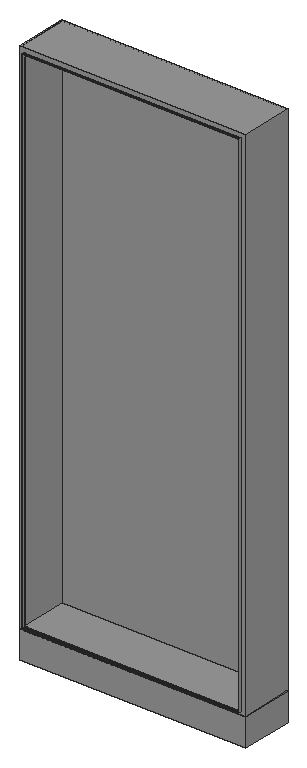
Revit family "Hager-Univers-IP30-D205-H1950-Cl.II-Encl-NoHosted-PL-pl", category Electrical Equipment, Revit 2020
Family settings
  Panel Configuration = Two Columns, Circuits Across
  Round Connector Dimension = Use Diameter
  Part Type = Panelboard
  Work Plane-Based = Yes
  Always vertical = Yes
  Cut with Voids When Loaded = No
  Shared = No
  Room Calculation Point = No
Parameters (values of type "Montaż podłogowy IP30 S800 W1950 G205  - FP23S1N")
  Width Control [instance] = if([EF000008 - Szerokość] > Min Width, [EF000008 - Szerokość], Min Width)  # 800 mm
  Type Comments = [HG000003 - Zakres]  # "Univers"
  Thickness Door [instance] = if([EF009171 - Drzwi/pokrywa z materiału o wysokiej wytrzymałości mechanicznej] > 3 mm, 3 mm, [EF009171 - Drzwi/pokrywa z materiału o wysokiej wytrzymałości mechanicznej])  # 1 mm
  Seal Frame Offset [instance] = 17 mm  # constant formula
  Plinth Visibility [instance] = [HG000027 - Wysokość cokołu] > 0 mm  # yes
  Min Width [instance] = 100 mm  # constant formula
  Min Depth [instance] = (2 * [EF009170 - Obudowa z materiału o wysokiej wytrzymałości mechanicznej]) + 1 mm  # 3 mm
  Min Height [instance] = 100 mm  # constant formula
  Internal Frame Depth [instance] = (Door System Depth * 0.5)  # 9 mm
  Panel Name [instance] = ""  # (empty or 0)
  Model = ""
  HG000027 - Wysokość cokołu = 100 mm
  HG000026 - Stojąca = yes
  HG000024 - Wysokość części dolnej = 600 mm
  HG000023 - Obudowa dwusekcyjna = no
  HG000016 - Widoczność drzwi w widoku 3D [instance] = yes
  HG000015 - Przestrzeń robocza - otwarcie drzwi [instance] = no
  HG000014 - Drzwi prawe [instance] = yes
  HG000013 - Drzwi lewe [instance] = not([HG000014 - Drzwi prawe])  # no
  HG000012 - Kąt otwarcia drzwi [instance] = 30.00°
  HG000010 - Drzwi asymetryczne = no
  HG000009 - Drzwi dwuskrzydłowe = no
  HG000006 - Montaż podtynkowy = no
  HG000004 - Referencja producenta = "FP23S1N"
  HG000003 - Zakres = "Univers"
  HG000002 - Z drzwiami lub pokrywą = no
  Frame Offset Bottom [instance] = 10 mm  # constant formula
  Frame Offset [instance] = 15 mm  # constant formula
  EF015940 - Pokrywa z wyzwalaczem nadciśnieniowym = no
  EF011959 - Stopień ochrony (NEMA) = ""
  EF009554 - Liczba otworów pod flansze = 6
  EF009212 - Wykonanie pokrywy = "EV009916 - Z otworem"
  EF009171 - Drzwi/pokrywa z materiału o wysokiej wytrzymałości mechanicznej = 1 mm
  EF009170 - Obudowa z materiału o wysokiej wytrzymałości mechanicznej = 1 mm
  EF008873 - Prąd znamionowy (In) = 400 A
  EF007800 - Do ochrony odgromowej = no
  EF006306 - Z zamkiem = no
  EF006244 - Transparentna pokrywa/drzwi = no
  EF005474 - Stopień ochrony (IP) = "EV006410 - IP30"
  EF004464 - Rodzaj drzwi = "EV000494 - Brak"
  EF004427 - Liczba modułów = 432
  EF004293 - Odporność udarowa = "EV006813 - IK07"
  EF003532 - Do zastosowań zewnętrznych = no
  EF002950 - Szerokość wyrażona liczbą modułów = 36
  EF001613 - Podtrzymanie funkcji = "EV000494 - Brak"
  EF001596 - Materiał obudowy = "EV000179 - Stal"
  EF001131 - Głębokość wewnętrzna = 130 mm
  EF001088 - Możliwość rozbudowy = yes
  EF000437 - Liczba wejść kablowych = 6
  EF000339 - Rodzaj pokrywy = "EV000494 - Brak"
  EF000266 - Liczba rzędów = 12
  EF000218 - Głębokość wbudowania = 0 mm
  EF000118 - Z płytą montażową = no
  EF000116 - Numer RAL = "9010"
  EF000049 - Głębokość = 205 mm
  EF000040 - Wysokość = 1950 mm
  EF000008 - Szerokość = 800 mm
  EF000007 - Kolor = "EV000202 - Biały"
  EF000003 - Sposób montażu = "EV012274 - Montaż podłogowy"
  Door System Leaf Tolerance [instance] = 1.5 mm  # constant formula
  Door System Depth [instance] = 18 mm  # constant formula
  Door Height [instance] = Height Control - [HG000027 - Wysokość cokołu]  # 1850 mm
  Description = ""
  Default Elevation = 1219.2 mm
  Connector Offset [instance] = Height Control / 2  # 975 mm
  Manufacturer = "Hager"  # constant formula
  Height Control [instance] = if([EF000040 - Wysokość] > Min Height, [EF000040 - Wysokość], Min Height)  # 1950 mm
  Depth Control [instance] = if([EF000049 - Głębokość] > Min Depth, [EF000049 - Głębokość], Min Depth)  # 205 mm
  Bottom Top Plate Trim [instance] = 1.5 mm  # constant formula
  Plinth height Ctrl [instance] = if([HG000027 - Wysokość cokołu] > 0 mm, [HG000027 - Wysokość cokołu], 12 mm)  # 100 mm
Types (4, lengths in mm): name | Width Control | HG000004 - Referencja producenta | EF009554 - Liczba otworów pod flansze | EF008873 - Prąd znamionowy (In) | EF004427 - Liczba modułów | EF002950 - Szerokość wyrażona liczbą modułów | EF000437 - Liczba wejść kablowych | EF000008 - Szerokość
  Montaż podłogowy IP30 S1050 W1950 G205  - FP24S1N | 1050 | "FP24S1N" | 8 | 400 A | 576 | 48 | 8 | 1050
  Montaż podłogowy IP30 S300 W1950 G205  - FP21S1N | 300 | "FP21S1N" | 2 | 250 A | 144 | 12 | 2 | 300
  Montaż podłogowy IP30 S550 W1950 G205  - FP22S1N | 550 | "FP22S1N" | 4 | 400 A | 288 | 24 | 4 | 550
  Montaż podłogowy IP30 S800 W1950 G205  - FP23S1N | 800 | "FP23S1N" | 6 | 400 A | 432 | 36 | 6 | 800
Reference planes
  plane 1 "Center (Front/Back)": y = 0
  plane 2: z = 0
  plane 3 "Center (Left/Right)": x = 0
  plane 4: y = 0
  plane 5: y = 0
  plane 6: z = 0
  plane 7: x = -400
  plane 8: x = 400
  plane 9: x = 399
  plane 10: x = -399
  plane 11: z = 100
  plane 12: z = 101
  plane 13: y = -205
  plane 14: y = -1
  plane 15: x = 0
  plane 16: y = -187
  plane 17: y = -204
  plane 18: y = -186
  plane 19: x = -384
  plane 20: x = 384
  plane 21: z = 111
  plane 22: x = -383
  plane 23: x = 383
  plane 24: z = 100
  plane 25: z = 1950
  plane 26: z = 1950
  plane 27: z = 1934
  plane 28: z = 1949
Forms (mm)
  Extrusion 1, solid, material "Hager_Steel_RAL7035_Light_Grey", detail levels medium+fine
    sketch origin (-208.679, -4572, 100) x (-1, 0, 0) y (0, -1, 0)
      loop
        line (191.321, -4385) -> (-608.679, -4385) -> (-608.679, -4572) -> (191.321, -4572) -> (191.321, -4385)
    from 0 to 1850
  Extrusion 2, void
    sketch origin (-350.771, -205, 1219.2) x (1, 0, 0) y (0, 0, 1)
      loop
        line (-48.229, 729.8) -> (-48.229, -1118.2) -> (749.771, -1118.2) -> (749.771, 729.8) -> (-48.229, 729.8)
    from -19 to -204
  Extrusion 3, void
    sketch origin (-290.084, -187, 1219.2) x (1, 0, 0) y (0, 0, 1)
      loop
        line (-93.916, -1108.2) -> (674.084, -1108.2) -> (674.084, 714.8) -> (-93.916, 714.8) -> (-93.916, -1108.2)
    from 0 to -1
  Extrusion 4, solid, material "Hager_Steel_RAL7035_Light_Grey", visible <- "Plinth Visibility", detail levels medium+fine
    sketch origin (0, 0, 0) x (1, 0, 0) y (0, 1, 0)
      loop
        line (-400, 0) -> (-400, -187) -> (400, -187) -> (400, 0) -> (-400, 0)
    from 0 to 100 <- "Plinth height Ctrl"
  Extrusion 5, solid, material "Hager_Steel_RAL7035_Light_Grey", detail levels coarse
    sketch origin (0, 0, 0) x (1, 0, 0) y (0, 1, 0)
      loop
        line (-400, 0) -> (-400, -205) -> (400, -205) -> (400, 0) -> (-400, 0)
    from 0 to 1950 <- "Height Control"
  Sweep 6, void
    path in 3D
      loop
        line (-400, -187, 100) -> (400, -187, 100) -> (400, 0, 100) -> (-400, 0, 100) -> (-400, -187, 100)
    profile origin (-400, -93.5, 100) x (1, 0, 0) y (0, 0, 1)
      loop
        line (0, 0) -> (0, -1.5) -> (1.5, -1.5)
        arc (1.5, -1.5) -> (1.061, -0.439) -> (0, 0) r 1.5
  Extrusion 7, solid, material "Hager_Steel_RAL7035_Light_Grey", detail levels fine
    sketch origin (-400, -187, 100) x (1, 0, 0) y (0, 0, 1)
      loop
        line (16, 11) -> (784, 11) -> (784, 1834) -> (16, 1834) -> (16, 11)
      loop
        line (15, 10) -> (785, 10) -> (785, 1835) -> (15, 1835) -> (15, 10)
    from 0 to 9 <- "Internal Frame Depth"
Cuts and joins
  Extrusion 2, Extrusion 3 cuts Extrusion 1
  Sweep 6 cuts Extrusion 4
Lines and regions (mm)
  Masking region 1
    outline origin (0, 0, 0) x (1, 0, 0) y (0, 1, 0)
      loop
        line (-400, 0) -> (-400, -205) -> (400, -205) -> (400, 0) -> (-400, 0)
  Masking region 2, detail levels coarse
    outline origin (-290.084, -187, 1219.2) x (-1, 0, 0) y (0, 0, 1)
      loop
        line (-690.084, -1219.2) -> (109.916, -1219.2) -> (109.916, 730.8) -> (-690.084, 730.8) -> (-690.084, -1219.2)
  Masking region 3, detail levels coarse
    outline origin (0, 0, 0) x (0, 1, 0) y (0, 0, 1)
      loop
        line (0, 0) -> (0, 1950) -> (-205, 1950) -> (-205, 0) -> (0, 0)
  Masking region 4, visible <- "Plinth Visibility", detail levels medium+fine
    outline origin (0, 0, 0) x (0, 1, 0) y (0, 0, 1)
      loop
        line (-1.5, 100) -> (-185.5, 100)
        arc (-185.5, 100) -> (-185.939, 98.939) -> (-187, 98.5) r 1.5
        line (-187, 98.5) -> (-187, 0) -> (0, 0) -> (0, 98.5)
        arc (0, 98.5) -> (-1.061, 98.939) -> (-1.5, 100) r 1.5
  Masking region 5, detail levels medium+fine
    outline origin (0, 0, 594.038) x (0, 1, 0) y (0, 0, 1)
      loop
        line (0, -494.038) -> (0, 1355.962) -> (-187, 1355.962) -> (-187, -494.038) -> (0, -494.038)
  Masking region 6, detail levels medium+fine
    outline origin (-359.7, -187, 1211.883) x (-1, 0, 0) y (0, 0, 1)
      loop
        line (-759.7, -1111.883) -> (40.3, -1111.883) -> (40.3, 738.117) -> (-759.7, 738.117) -> (-759.7, -1111.883)
  Masking region 7, visible <- "Plinth Visibility", detail levels medium+fine
    outline origin (-320.334, -187, 1041.368) x (-1, 0, 0) y (0, 0, 1)
      loop
        line (-720.334, -1041.368) -> (79.666, -1041.368) -> (79.666, -942.868)
        arc (79.666, -942.868) -> (78.606, -942.429) -> (78.166, -941.368) r 1.5
        line (78.166, -941.368) -> (-718.834, -941.368)
        arc (-718.834, -941.368) -> (-719.273, -942.429) -> (-720.334, -942.868) r 1.5
        line (-720.334, -942.868) -> (-720.334, -1041.368)
  sketch lines
    curve 1: line (-400, 0, 100) -> (-400, -187, 100)
    curve 2: line (-400, -187, 100) -> (400, -187, 100)
    curve 3: line (400, 0, 100) -> (-400, 0, 100)
    curve 4: line (400, -187, 100) -> (400, 0, 100)
Dimensions and locks
  locked: plane 1 "Center (Front/Back)" to plane 5
  "EF009170 - Obudowa z materiału o wysokiej wytrzymałości mechanicznej": plane 7 to plane 10
  "EF009170 - Obudowa z materiału o wysokiej wytrzymałości mechanicznej": plane 8 to plane 9
  equal spacing: plane 7, plane 3 "Center (Left/Right)", plane 8
  "Width Control": plane 7 to plane 8
  "Depth Control": plane 4 to plane 13
  "EF009170 - Obudowa z materiału o wysokiej wytrzymałości mechanicznej": plane 4 to plane 14
  "Height Control": plane 25 to level
  "HG000027 - Wysokość cokołu": plane 11 to level
  "EF009170 - Obudowa z materiału o wysokiej wytrzymałości mechanicznej": plane 12 to plane 11
  "EF009170 - Obudowa z materiału o wysokiej wytrzymałości mechanicznej": plane 17 to plane 13
  "EF009170 - Obudowa z materiału o wysokiej wytrzymałości mechanicznej": plane 18 to plane 16
  "Frame Offset Bottom": plane 21 to plane 12
  "Frame Offset": plane 10 to plane 19
  "Frame Offset": plane 9 to plane 20
  "Door System Depth": plane 16 to plane 13
  "Seal Frame Offset": plane 7 to plane 22
  "Seal Frame Offset": plane 8 to plane 23
  "EF009170 - Obudowa z materiału o wysokiej wytrzymałości mechanicznej": plane 26 to plane 28
  "Frame Offset": plane 28 to plane 27
  "Connector Offset": plane 2 to connector elem
  "Bottom Top Plate Trim": profile plane to Sweep 6 sketch curve
  "Bottom Top Plate Trim": Sweep 6 sketch curve to Sweep 6 sketch curve
  "Plinth height Ctrl": Masking region 4 sketch curve to level
  "Plinth height Ctrl": Masking region 7 sketch curve to level
  "Thickness Door": Extrusion 7 sketch curve to Extrusion 7 sketch curve  (x4)
  "Bottom Top Plate Trim": radius of Sweep 6 sketch curve
  "Bottom Top Plate Trim": radius of Masking region 4 sketch curve  (x2)
  "Bottom Top Plate Trim": radius of Masking region 7 sketch curve  (x2)
  aligned and locked: Extrusion 2 sketch curve to plane 12
  aligned and locked: Extrusion 2 sketch curve to plane 9
  aligned and locked: Extrusion 2 sketch curve to plane 10
  aligned and locked: Extrusion 2 to plane 14
  aligned and locked: Extrusion 1 sketch curve to plane 4
  aligned and locked: plane 8 to Extrusion 1 sketch curve
  aligned and locked: plane 7 to Extrusion 1 sketch curve
  aligned and locked: Extrusion 2 to plane 18
  aligned and locked: Extrusion 3 sketch curve to plane 19
  aligned and locked: plane 20 to Extrusion 3 sketch curve
  aligned and locked: Extrusion 3 to Extrusion 2
  aligned and locked: Extrusion 3 sketch curve to plane 21
  aligned and locked: plane 3 "Center (Left/Right)" to nested 1
  aligned and locked: Extrusion 1 sketch curve to plane 16
  aligned and locked: Extrusion 4 sketch curve to cut or joined group of Extrusion 1, Extrusion 2, Extrusion 3
  aligned and locked: Masking region 1 sketch curve to plane 7
  aligned and locked: Masking region 1 sketch curve to plane 5
  aligned and locked: Masking region 1 sketch curve to plane 8
  aligned and locked: Masking region 2 sketch curve to level
  aligned and locked: level to Masking region 3 sketch curve
  aligned and locked: plane 1 "Center (Front/Back)" to Masking region 3 sketch curve
  aligned and locked: plane 13 to Masking region 3 sketch curve
  aligned and locked: plane 5 to Masking region 4 sketch curve
  aligned and locked: Masking region 2 sketch curve to plane 8
  aligned and locked: Masking region 2 sketch curve to plane 7
  aligned and locked: plane 7 to nested 2
  aligned and locked: nested 2 to plane 5
  aligned and locked: plane 5 to Masking region 5 sketch curve
  aligned and locked: plane 26 to Masking region 5 sketch curve
  aligned and locked: Extrusion 5 sketch curve to plane 8
  aligned and locked: Extrusion 5 sketch curve to plane 7
  aligned and locked: Extrusion 5 sketch curve to plane 5
  aligned and locked: Extrusion 3 sketch curve to plane 27
  aligned and locked: Extrusion 2 sketch curve to plane 28
  aligned and locked: Masking region 2 to plane 25
  aligned and locked: Extrusion 4 to plane 16
  aligned and locked: profile plane to Sweep 6 sketch curve
  aligned and locked: Masking region 5 sketch curve to plane 24
  aligned and locked: level to Masking region 4 sketch curve
  aligned and locked: Masking region 1 to plane 13
  aligned and locked: nested 1 to plane 16
  aligned and locked: Masking region 3 to plane 25
  aligned and locked: plane 16 to Masking region 4 sketch curve
  aligned and locked: Masking region 5 sketch curve to plane 16
  aligned and locked: plane 24 to plane 11
  aligned and locked: plane 26 to plane 25
  aligned and locked: plane 26 to cut or joined group of Extrusion 1, Extrusion 2, Extrusion 3
  aligned and locked: nested 1 to plane 24
  aligned and locked: Extrusion 1 to Extrusion 3
  aligned and locked: Masking region 6 sketch curve to plane 8
  aligned and locked: Masking region 6 sketch curve to plane 24
  aligned and locked: Masking region 6 sketch curve to plane 7
  aligned and locked: Masking region 6 sketch curve to plane 26
  aligned and locked: Masking region 7 sketch curve to plane 7
  aligned and locked: level to Masking region 7 sketch curve
  aligned and locked: Masking region 7 sketch curve to plane 8
  aligned and locked: Extrusion 7 sketch curve to cut or joined group of Extrusion 1, Extrusion 2, Extrusion 3  (x4)
Automatic sketch dimensions
  plane 19 to Extrusion 3 sketch curve = 0 mm
  Extrusion 3 sketch curve to plane 20 = 0 mm
  Extrusion 3 sketch curve to plane 21 = 0 mm
  Extrusion 4 sketch curve to plane 7 = 0 mm
  Extrusion 4 sketch curve to plane 8 = 0 mm
  Extrusion 4 sketch curve to plane 16 = 0 mm
  Masking region 1 sketch curve to plane 13 = 0 mm
  Masking region 2 sketch curve to plane 25 = 0 mm
  Masking region 3 sketch curve to plane 25 = 0 mm
  Extrusion 5 sketch curve to plane 13 = 0 mm
  profile plane to Sweep 6 sketch curve = 0 mm
Nested families
  nested 1: "EC000058_Univers_Door" at (0, -187, 100), Double <- "HG000009 - Drzwi dwuskrzydłowe", Transparent <- "EF006244 - Transparentna pokrywa/drzwi", Angle <- "HG000012 - Kąt otwarcia drzwi", Door_Right <- "HG000014 - Drzwi prawe", Assymetrical <- "HG000010 - Drzwi asymetryczne", Door <- "HG000002 - Z drzwiami lub pokrywą", Width_Ctrl <- "Width Control", 3d_Door <- "HG000016 - Widoczność drzwi w widoku 3D", Clearance <- "HG000015 - Przestrzeń robocza - otwarcie drzwi", Door_Left <- "HG000013 - Drzwi lewe", Width <- "Width Control", Door_Depth <- "Door System Depth", Leaf_Tolerance <- "Door System Leaf Tolerance", Height <- "Door Height", Lock_Visibility <- "EF006306 - Z zamkiem", Thickness <- "Thickness Door", type "EC000058_Univers_Door", detail levels medium+fine
    with min_wh 3 mm, Width_Ctrl 800 mm, Width 800 mm, Transparent no, Thickness 1 mm, Seal_Material Hager_Rubber, Lock_Visibility no, Lock_Material Hager_Plastic_RAL9005_Jet_Black, Leaf_Width 800 mm, Leaf_Tolerance_External_Sides 0 mm, Leaf_Tolerance 1.5 mm, Leaf_Offset 0 mm, Leaf_Height 1847 mm, Leaf_2_Width 800 mm, Leaf_2_Offset 400 mm, Leaf_1_Width 800 mm, Leaf_1_Offset 400 mm, Height_Ctrl 1850 mm, Height 1850 mm, Glass_Material Hager_Glass, Double_Clearance_Ctrl no, Double no, Door_Right_Ctrl no, Door_Right yes, Door_Material Hager_Steel_RAL7035_Light_Grey, Door_Left_Ctrl no, Door_Left no, Door_Depth 18 mm, Door no, Clearance_Material Hager_Clearance, Clearance_Depth 800 mm, Clearance_Ctrl no, Clearance no, Assymetrical no, Angle 30.00°, 3d_Door yes
  nested 2: "Hager_Enclosure_Symbol" at (-400, 0, 0), Height <- "Depth Control", Width <- "Width Control", type "Hager_Enclosure_Symbol"
    with Width_Ctrl 800 mm, Width 800 mm, Height_Ctrl 205 mm, Height 205 mm, A_Width_Int 13.453 mm, A_Width 161.438 mm, A_Height_Ctrl 179.375 mm, A_Height 179.375 mm
Connectors
  electrical at (0, 0, 975)
    settings: on plane 1 "Center (Front/Back)", index 1, voltage 0 V, apparent load 0 VA, apparent load phase1 0 VA, apparent load phase2 0 VA, apparent load phase3 0 VA, power factor 1, load classification "Other", number of poles 1, system type 30, power factor state 1, is connector primary yes, connector utility no, sub classification motor no, connector description ""
Definition of nested family "EC000058_Univers_Door"
  Parameters (values of type "EC000058_Univers_Door")
    min_wh [instance] = (2 * Thickness) + 1 mm  # 11 mm
    Width_Ctrl [instance] = 400 mm
    Width [instance] = 500 mm
    Transparent [instance] = yes
    Thickness [instance] = 5 mm
    Seal_Material [instance] = none
    Lock_Visibility [instance] = yes
    Lock_Material [instance] = none
    Leaf_Width [instance] = if((Width_Ctrl - 2 * Leaf_Tolerance_External_Sides) > 0 mm, (Width_Ctrl - 2 * Leaf_Tolerance_External_Sides), min_wh)  # 400 mm
    Leaf_Tolerance_External_Sides [instance] = 0 mm  # constant formula
    Leaf_Tolerance [instance] = 1.5 mm
    Leaf_Offset [instance] = 0 mm  # constant formula
    Leaf_Height [instance] = if((Height_Ctrl - 2 * Leaf_Tolerance) > 0 mm, (Height_Ctrl - 2 * Leaf_Tolerance), min_wh)  # 497 mm
    Leaf_2_Width [instance] = if(and(and(Double, Assymetrical), Door_Left), (Leaf_Width / 3) - (Leaf_Tolerance / 2), if(and(and(Double, Assymetrical), Door_Right), (Leaf_Width / 3) * 2 - (Leaf_Tolerance / 2), if(and(Double, not(Assymetrical)), (Leaf_Width / 2) - Leaf_Tolerance, Leaf_Width)))  # 400 mm
    Leaf_2_Offset [instance] = if(and(Double, Assymetrical), Leaf_2_Width / 2, if(and(Double, not(Assymetrical)), Leaf_Width / 4, Leaf_Width / 2))  # 200 mm
    Leaf_1_Width [instance] = if(and(and(Double, Assymetrical), Door_Right), (Leaf_Width / 3) - (Leaf_Tolerance / 2), if(and(and(Double, Assymetrical), Door_Left), (Width / 3) * 2 - (Leaf_Tolerance / 2), if(and(Double, not(Assymetrical)), (Leaf_Width / 2) - Leaf_Tolerance, Leaf_Width)))  # 400 mm
    Leaf_1_Offset [instance] = if(and(Double, Assymetrical), Leaf_1_Width / 2, if(and(Double, not(Assymetrical)), Leaf_Width / 4, Leaf_Width / 2))  # 200 mm
    Height_Ctrl [instance] = if(Height > min_wh, Height, min_wh)  # 500 mm
    Height [instance] = 500 mm
    Glass_Material [instance] = none
    Double_Clearance_Ctrl [instance] = and(Double, Clearance)  # no
    Double [instance] = no
    Door_Right_Ctrl [instance] = and(or(Door_Right, Double), Door)  # yes
    Door_Right [instance] = yes
    Door_Material [instance] = none
    Door_Left_Ctrl [instance] = and(or(Door_Left, Double), Door)  # no
    Door_Left [instance] = no
    Door_Depth [instance] = 30 mm
    Door [instance] = yes
    Default Elevation = 1219.2 mm
    Clearance_Material [instance] = none
    Clearance_Depth [instance] = if(Leaf_1_Width > Leaf_2_Width, Leaf_1_Width, Leaf_2_Width)  # 400 mm
    Clearance_Ctrl [instance] = and(not(Double), Clearance)  # yes
    Clearance [instance] = yes
    Assymetrical [instance] = yes
    Angle [instance] = 30.00°
    3d_Door [instance] = yes
  Reference planes
    plane 1 "Center (Front/Back)": y = 0
    plane 2 "Bottom": z = 0
    plane 3 "Center (Left/Right)": x = 0
    plane 4: z = 500
    plane 5: x = -200
    plane 6: x = 200
    plane 7: z = 500
    plane 8: x = -200
    plane 9: z = 0
    plane 10: x = 200
    plane 11: y = 0
    plane 12: z = 1.5
    plane 13: x = -600
    plane 14: y = -400
    plane 15: x = 600
    plane 16: x = 0
    plane 17: x = 0
    plane 18: x = -200
    plane 19: x = 200
    plane 20: z = 498.5
  Forms (mm)
    Extrusion 1, solid, material <- "Clearance_Material", visible <- "Double_Clearance_Ctrl"
      sketch origin (1200, 0, 0) x (1, 0, 0) y (0, 0, -1)
        loop
          line (-1800, -498.5) -> (-600, -498.5) -> (-600, 0) -> (-1800, 0) -> (-1800, -498.5)
      from 0 to -400
  Dimensions and locks
    equal spacing: plane 5, plane 3 "Center (Left/Right)", plane 6
    "Width_Ctrl": plane 5 to plane 6
    "Leaf_Offset": plane 5 to plane 8
    "Leaf_Offset": plane 6 to plane 10
    "Leaf_Offset": plane 9 to level
    "Leaf_Offset": plane 4 to plane 7
    "Height_Ctrl": plane 4 to level
    "Leaf_Tolerance": plane 12 to plane 9
    locked: plane 11 to plane 1 "Center (Front/Back)"
    "Leaf_1_Offset": plane 18 to plane 16
    "Leaf_2_Offset": plane 17 to plane 19
    "Leaf_1_Width": plane 13 to plane 8
    "Leaf_2_Width": plane 10 to plane 15
    "Clearance_Depth": plane 14 to plane 1 "Center (Front/Back)"
    "Leaf_Tolerance_External_Sides": plane 8 to plane 18
    "Leaf_Tolerance_External_Sides": plane 19 to plane 10
    "Leaf_Tolerance": plane 7 to plane 20
    aligned and locked: level to plane 2 "Bottom"
    aligned and locked: nested 1 to plane 16
    aligned and locked: nested 2 to plane 17
    aligned and locked: Extrusion 1 to plane 13
    aligned and locked: plane 15 to Extrusion 1
    aligned and locked: Extrusion 1 to plane 14
    aligned and locked: plane 12 to nested 1
    aligned and locked: nested 2 to plane 12
    aligned and locked: Extrusion 1 to plane 11
    aligned and locked: plane 20 to Extrusion 1
    aligned and locked: nested 2 to plane 11
    aligned and locked: nested 1 to plane 11
  Automatic sketch dimensions
    Extrusion 1 sketch curve to level = 0 mm
    plane 5 to Extrusion 1 sketch curve = 400 mm
    plane 6 to Extrusion 1 sketch curve = 400 mm
    Extrusion 1 sketch curve to plane 4 = 1.5 mm
  Nested families
    nested 1: "EC000058_Univers_Door_Leaf" at (0, 0, 1.5), Width <- "Leaf_1_Width", visible <- "Door_Left_Ctrl", Leaf_Height <- "Leaf_Height", Angle <- "Angle", 3d_Door <- "3d_Door", Transparent <- "Transparent", Clearance Material <- "Clearance_Material", Clearance <- "Clearance_Ctrl", Door_Material <- "Door_Material", Glass_Material <- "Glass_Material", Door_Depth <- "Door_Depth", Lock_Material <- "Lock_Material", Seal_Material <- "Seal_Material", Lock_Visibility <- "Lock_Visibility", Thickness <- "Thickness", type "EC000058_Univers_Door_Leaf"
      with Width 400 mm, Transparent_Glass_Offset 30 mm, Transparent_Ctrl yes, Transparent yes, Thickness 5 mm, Standard no, Seal_Material none, Seal_D2 8 mm, Seal_D1 1 mm, Offset_Internal_Frame 10 mm, Lock_Width 20 mm, Lock_Visibility_3d yes, Lock_Visibility yes, Lock_Thickness_3 3 mm, Lock_Thickness_2 1 mm, Lock_Thickness_1 3 mm, Lock_Radius_Offset_2 16 mm, Lock_Radius_Offset_1 15 mm, Lock_Radius_2 5 mm, Lock_Radius 6 mm, Lock_Offset 5 mm, Lock_Material none, Lock_Height 80 mm, Lock_Cover_Top_Offset_2d 17 mm, Lock_Cover_Height -65 mm, Leaf_Height 497 mm, Internal_Seal_Thickness 8 mm, Internal_Seal_Depth_2 4.5 mm, Internal_Frame_Depth 25 mm, Glass_Thickness -1 mm, Glass_Offset -2 mm, Glass_Material none, Door_Material none, Door_Depth 30 mm, Clearance Material none, Clearance yes, Angle_Ctrl 30.00°, Angle 30.00°, 3d_Door yes
    nested 2: "EC000058_Univers_Door_Leaf" at (0, 0, 1.5) x (-1, 0, 0) z (0, 0, 1), Width <- "Leaf_2_Width", visible <- "Door_Right_Ctrl", Leaf_Height <- "Leaf_Height", Angle <- "Angle", 3d_Door <- "3d_Door", Transparent <- "Transparent", Clearance Material <- "Clearance_Material", Clearance <- "Clearance_Ctrl", Door_Material <- "Door_Material", Glass_Material <- "Glass_Material", Door_Depth <- "Door_Depth", Lock_Material <- "Lock_Material", Seal_Material <- "Seal_Material", Lock_Visibility <- "Lock_Visibility", Thickness <- "Thickness", type "EC000058_Univers_Door_Leaf"
      with Width 400 mm, Transparent_Glass_Offset 30 mm, Transparent_Ctrl yes, Transparent yes, Thickness 5 mm, Standard no, Seal_Material none, Seal_D2 8 mm, Seal_D1 1 mm, Offset_Internal_Frame 10 mm, Lock_Width 20 mm, Lock_Visibility_3d yes, Lock_Visibility yes, Lock_Thickness_3 3 mm, Lock_Thickness_2 1 mm, Lock_Thickness_1 3 mm, Lock_Radius_Offset_2 16 mm, Lock_Radius_Offset_1 15 mm, Lock_Radius_2 5 mm, Lock_Radius 6 mm, Lock_Offset 5 mm, Lock_Material none, Lock_Height 80 mm, Lock_Cover_Top_Offset_2d 17 mm, Lock_Cover_Height -65 mm, Leaf_Height 497 mm, Internal_Seal_Thickness 8 mm, Internal_Seal_Depth_2 4.5 mm, Internal_Frame_Depth 25 mm, Glass_Thickness -1 mm, Glass_Offset -2 mm, Glass_Material none, Door_Material none, Door_Depth 30 mm, Clearance Material none, Clearance yes, Angle_Ctrl 30.00°, Angle 30.00°, 3d_Door yes
  Definition of nested family "EC000058_Univers_Door_Leaf"
    Parameters (values of type "EC000058_Univers_Door_Leaf")
      Width [instance] = 2000 mm
      Transparent_Glass_Offset [instance] = 30 mm
      Transparent_Ctrl [instance] = and(Transparent, [3d_Door])  # yes
      Transparent [instance] = yes
      Thickness [instance] = 5 mm
      Standard [instance] = and(not(Transparent), [3d_Door])  # no
      Seal_Material [instance] = none
      Seal_D2 [instance] = 8 mm  # constant formula
      Seal_D1 [instance] = 1 mm  # constant formula
      Offset_Internal_Frame [instance] = 10 mm  # constant formula
      Lock_Width [instance] = 20 mm  # constant formula
      Lock_Visibility_3d [instance] = and(Lock_Visibility, [3d_Door])  # yes
      Lock_Visibility [instance] = yes
      Lock_Thickness_3 [instance] = 3 mm  # constant formula
      Lock_Thickness_2 [instance] = 1 mm  # constant formula
      Lock_Thickness_1 [instance] = 3 mm  # constant formula
      Lock_Radius_Offset_2 [instance] = Lock_Radius_Offset_1 + 1 mm  # 16 mm
      Lock_Radius_Offset_1 [instance] = 15 mm  # constant formula
      Lock_Radius_2 [instance] = Lock_Radius - 1 mm  # 5 mm
      Lock_Radius [instance] = 6 mm  # constant formula
      Lock_Offset [instance] = 5 mm  # constant formula
      Lock_Material [instance] = none
      Lock_Height [instance] = 80 mm  # constant formula
      Lock_Cover_Top_Offset_2d [instance] = Lock_Radius_Offset_2 + 1 mm  # 17 mm
      Lock_Cover_Height [instance] = -(Lock_Height - Lock_Radius_Offset_1)  # -65 mm
      Leaf_Height [instance] = 2720.336 mm
      Internal_Seal_Thickness [instance] = 8 mm  # constant formula
      Internal_Seal_Depth_2 [instance] = 4.5 mm  # constant formula
      Internal_Frame_Depth [instance] = if(Door_Depth - Thickness > 5 mm, Door_Depth - Thickness, 5 mm)  # 25 mm
      Glass_Thickness [instance] = if(Thickness > 15 mm, Glass_Offset + 10 mm, -1 mm)  # -1 mm
      Glass_Offset [instance] = if(Thickness > 15 mm, -(Thickness + 10 mm) / 2, -2 mm)  # -2 mm
      Glass_Material [instance] = none
      Door_Material [instance] = none
      Door_Depth [instance] = 30 mm
      Default Elevation = 0 mm
      Clearance Material [instance] = none
      Clearance [instance] = yes
      Angle_Ctrl [instance] = if(Angle > 180.00°, 180.00°, Angle)  # 90.00°
      Angle [instance] = 90.00°
      3d_Door [instance] = yes
    Reference planes
      plane 1 "Center (Front/Back)": y = 0
      plane 2: z = 0
      plane 3 "Center (Left/Right)": x = 0
      plane 4: y = 2000
      plane 5: x = -1000
      plane 6: x = 1000
      plane 7: x = -3000
      plane 8: z = 2720.336
      plane 9: z = 30
      plane 10: z = 2690.336
      plane 11: x = 970
      plane 12: x = -970
      plane 13: y = -3
      plane 14: z = 107.833
      plane 15: y = -5
      plane 16: y = -223.314
      plane 17: x = -1000
      plane 18: z = 1360.168
      plane 19: y = 30
    Forms (mm)
      Extrusion 1, solid, material <- "Clearance Material", visible <- "Clearance"
        sketch origin (0, 0, 0) x (1, 0, 0) y (0, 0, 1)
          loop
            line (-3000, 2720.336) -> (-3000, 0) -> (1000, 0) -> (1000, 2720.336) -> (-3000, 2720.336)
        from 0 to -2000
      Extrusion 2, solid, material <- "Door_Material", visible <- "Standard", detail levels medium+fine
        sketch origin (-1000, 0, 0) x (0, 1, 0) y (-1, 0, 0)
          loop
            line (0, 30) -> (0, 25) -> (2000, 25) -> (2000, 30) -> (0, 30)
        from 0 to 2720.336 <- "Leaf_Height"
      Extrusion 3, solid, material <- "Door_Material", visible <- "Transparent_Ctrl", detail levels medium+fine
        sketch origin (-1000, 0, 0) x (0, 1, 0) y (-1, 0, 0)
          loop
            line (0, 25) -> (2000, 25) -> (2000, 30) -> (0, 30) -> (0, 25)
        from 0 to 2720.336 <- "Leaf_Height"
      Extrusion 4, void
        sketch origin (-1025, 2000, 0) x (0, 1, 0) y (0, 0, -1)
          loop
            line (-30, -2690.336) -> (-30, -30) -> (-1970, -30) -> (-1970, -2690.336) -> (-30, -2690.336)
        from 0 to 5 <- "Thickness"
      Sweep 5, solid, material <- "Seal_Material", visible <- "Transparent_Ctrl", detail levels fine
        path in 3D
          loop
            line (-1025, 30, 30) -> (-1025, 30, 2690.336) -> (-1025, 1970, 2690.336) -> (-1025, 1970, 30) -> (-1025, 30, 30)
        profile origin (-1025, 1000, 30) x (1, 0, 0) y (0, 0, 1)
          loop
            line (0, 0) -> (0, -8) -> (1, -8) -> (1, 0) -> (0, 0)
      Extrusion 6, solid, material <- "Glass_Material", visible <- "Transparent_Ctrl", detail levels medium+fine
        sketch origin (-1030, 0, 0) x (0, 1, 0) y (0, 0, -1)
          loop
            line (1970, -2690.336) -> (1970, -30) -> (30, -30) -> (30, -2690.336) -> (1970, -2690.336)
        from -2 <- "Glass_Offset" to -1 <- "Glass_Thickness"
      Extrusion 7, solid, material <- "Door_Material", visible <- "3d_Door", detail levels medium+fine
        sketch origin (-1025, 2000, 0) x (0, -1, 0) y (0, 0, -1)
          loop
            line (0, -2720.336) -> (2000, -2720.336) -> (2000, 0) -> (0, 0) -> (0, -2720.336)
          loop
            line (1995, -5) -> (5, -5) -> (5, -2715.336) -> (1995, -2715.336) -> (1995, -5)
        from 0 to 25 <- "Internal_Frame_Depth"
      Sweep 8, solid, material <- "Seal_Material", visible <- "Transparent_Ctrl", detail levels fine
        path in 3D
          loop
            line (-1025, 0, 0) -> (-1025, 2000, 0) -> (-1025, 2000, 2720.336) -> (-1025, 0, 2720.336) -> (-1025, 0, 0)
        profile origin (-1025, 0, 1360.168) x (1, 0, 0) y (0, 1, 0)
          loop
            line (0, 10) -> (2.975, 10)
            arc (2.975, 10) -> (4.053, 10.447) -> (4.5, 11.525) r 1.525
            line (4.5, 11.525) -> (4.5, 16.527)
            arc (4.5, 16.527) -> (4.069, 17.569) -> (3.027, 18) r 1.473
            line (3.027, 18) -> (0, 18) -> (0, 10)
      Extrusion 9, solid, material <- "Lock_Material", visible <- "Lock_Visibility_3d", detail levels fine
        sketch origin (-1030, 0, 0) x (0, 1, 0) y (0, 0, -1)
          loop
            arc (1993.5, -1400.168) -> (1994.561, -1399.729) -> (1995, -1398.668) r 1.5
            line (1995, -1398.668) -> (1995, -1320.168) -> (1975, -1320.168) -> (1975, -1398.668)
            arc (1975, -1398.668) -> (1975.439, -1399.729) -> (1976.5, -1400.168) r 1.5
            line (1976.5, -1400.168) -> (1993.5, -1400.168)
        from 3 <- "Lock_Thickness_1" to 0
      Blend 10, solid, material <- "Lock_Material", visible <- "Lock_Visibility_3d", detail levels fine
        base sketch origin (-1033, 0, 0) x (0, 1, 0) y (0, 0, -1)
          loop
            line (1975, -1320.168) -> (1975, -1398.668)
            arc (1975, -1398.668) -> (1975.439, -1399.729) -> (1976.5, -1400.168) r 1.5
            line (1976.5, -1400.168) -> (1993.5, -1400.168)
            arc (1993.5, -1400.168) -> (1994.561, -1399.729) -> (1995, -1398.668) r 1.5
            line (1995, -1398.668) -> (1995, -1320.168) -> (1975, -1320.168)
        top sketch origin (-1033, 0, 0) x (0, 1, 0) y (0, 0, -1)
          loop
            line (1976, -1320.168) -> (1976, -1398.668)
            arc (1976, -1398.668) -> (1976.146, -1399.022) -> (1976.5, -1399.168) r 0.5
            line (1976.5, -1399.168) -> (1993.5, -1399.168)
            arc (1993.5, -1399.168) -> (1993.854, -1399.022) -> (1994, -1398.668) r 0.5
            line (1994, -1398.668) -> (1994, -1320.168) -> (1976, -1320.168)
        from 0 to 1 <- "Lock_Thickness_2"
      Blend 11, solid, material <- "Lock_Material", visible <- "Lock_Visibility_3d", detail levels fine
        base sketch origin (-1034, 0, 0) x (0, 1, 0) y (0, 0, -1)
          loop
            line (1978, -1320.168) -> (1978, -1384.168)
            arc (1978, -1384.168) -> (1985, -1391.168) -> (1992, -1384.168) r 7
            line (1992, -1384.168) -> (1992, -1320.168) -> (1978, -1320.168)
        top sketch origin (-1034, 0, 0) x (0, 1, 0) y (0, 0, -1)
          loop
            line (1991, -1320.168) -> (1979, -1320.168) -> (1979, -1383.168)
            arc (1979, -1383.168) -> (1985, -1389.168) -> (1991, -1383.168) r 6
            line (1991, -1383.168) -> (1991, -1320.168)
        from 0 to 3 <- "Lock_Thickness_3"
      Extrusion 12, solid, material <- "Lock_Material", visible <- "Lock_Visibility_3d", detail levels fine
        sketch origin (-1030, 1975, 1320.168) x (1, 0, 0) y (0, -1, 0)
          loop
            line (-7, -19) -> (-7, -1) -> (0, -1) -> (0, 0) -> (-8, 0) -> (-8, -20) -> (0, -20) -> (0, -19) -> (-7, -19)
        from 0 to -65 <- "Lock_Cover_Height"
      Extrusion 13, void
        sketch origin (-1038, 1995, 1320.168) x (-1, 0, 0) y (0, 0, -1)
          loop
            line (-5, -65) -> (0, -65) -> (-5, -60) -> (-5, -65)
        from 0 to 20 <- "Lock_Width"
      Extrusion 14, void
        sketch origin (-1038, 1975, 1320.168) x (0, -1, 0) y (0, 0, -1)
          loop
            circle (-10, -15.995) r 6
          loop
            circle (-10, -15.995) r 5
        from 0 to 2
      Extrusion 15, solid, material <- "Lock_Material", visible <- "Lock_Visibility_3d", detail levels medium
        sketch origin (-1030, 0, 0) x (0, 1, 0) y (0, 0, -1)
          loop
            arc (1993.5, -1400.168) -> (1994.561, -1399.729) -> (1995, -1398.668) r 1.5
            line (1995, -1398.668) -> (1995, -1320.168) -> (1975, -1320.168) -> (1975, -1398.668)
            arc (1975, -1398.668) -> (1975.439, -1399.729) -> (1976.5, -1400.168) r 1.5
            line (1976.5, -1400.168) -> (1993.5, -1400.168)
        from 8 to 0
    Cuts and joins
      Extrusion 4 cuts Extrusion 3
      Extrusion 13, Extrusion 14 cuts Extrusion 9
      Extrusion 14 cuts Blend 11
      Extrusion 13, Extrusion 14 cuts Extrusion 12
      joined: Extrusion 9, Blend 10, Blend 11, Extrusion 12
      Extrusion 14 cuts Extrusion 15
    Lines and regions (mm)
      Masking region 1, visible <- "Lock_Visibility", detail levels fine
        outline origin (0, 0, 0) x (0, 1, 0) y (0, 0, 1)
          loop
            line (30, 1320.168) -> (33, 1320.168) -> (33, 1400.168) -> (30, 1400.168) -> (30, 1320.168)
      Masking region 2, visible <- "Lock_Visibility", detail levels fine
        outline origin (0, 3.143, 0) x (0, 1, 0) y (0, 0, 1)
          loop
            line (29.857, 1354.168) -> (30.857, 1354.168) -> (30.857, 1366.168) -> (29.857, 1366.168) -> (29.857, 1354.168)
      Masking region 3, detail levels medium+fine
        outline origin (0, 0, 0) x (0, 1, 0) y (0, 0, 1)
          loop
            line (0, 0) -> (30, 0) -> (30, 2720.336) -> (0, 2720.336) -> (0, 0)
      Masking region 4, detail levels medium+fine
        outline origin (0, 0, 0) x (1, 0, 0) y (0, 0, 1)
          loop
            line (-1000, 2720.336) -> (-1000, 0) -> (1000, 0) -> (1000, 2720.336) -> (-1000, 2720.336)
      Masking region 5, visible <- "Lock_Visibility", detail levels fine
        outline origin (-47.116, 0, 0) x (1, 0, 0) y (0, 0, 1)
          loop
            arc (1024.616, 1399.168) -> (1023.556, 1398.729) -> (1023.116, 1397.668) r 1.5
            line (1023.116, 1397.668) -> (1023.116, 1320.168) -> (1041.116, 1320.168) -> (1041.116, 1397.668)
            arc (1041.116, 1397.668) -> (1040.677, 1398.729) -> (1039.616, 1399.168) r 1.5
            line (1039.616, 1399.168) -> (1024.616, 1399.168)
      Masking region 6, visible <- "Lock_Visibility", detail levels medium+fine
        outline origin (-25, 0, 0) x (1, 0, 0) y (0, 0, 1)
          loop
            arc (1001.5, 1400.168) -> (1000.439, 1399.729) -> (1000, 1398.668) r 1.5
            line (1000, 1398.668) -> (1000, 1320.168) -> (1020, 1320.168) -> (1020, 1398.668)
            arc (1020, 1398.668) -> (1019.561, 1399.729) -> (1018.5, 1400.168) r 1.5
            line (1018.5, 1400.168) -> (1001.5, 1400.168)
      Masking region 7, visible <- "Lock_Visibility", detail levels fine
        outline origin (-73.735, 0, 0) x (1, 0, 0) y (0, 0, 1)
          loop
            line (1051.735, 1382.168) -> (1065.735, 1382.168) -> (1065.735, 1384.168)
            arc (1065.735, 1384.168) -> (1058.735, 1391.168) -> (1051.735, 1384.168) r 7
            line (1051.735, 1384.168) -> (1051.735, 1382.168)
      Masking region 8, visible <- "Lock_Visibility", detail levels fine
        outline origin (-73.735, 0, 0) x (1, 0, 0) y (0, 0, 1)
          loop
            line (1052.735, 1382.168) -> (1064.735, 1382.168) -> (1064.735, 1383.168)
            arc (1064.735, 1383.168) -> (1058.735, 1389.168) -> (1052.735, 1383.168) r 6
            line (1052.735, 1383.168) -> (1052.735, 1382.168)
      Masking region 9, visible <- "Lock_Visibility", detail levels fine
        outline origin (-25, 0, 0) x (1, 0, 0) y (0, 0, 1)
          loop
            line (1020, 1320.168) -> (1020, 1382.168) -> (1000, 1382.168) -> (1000, 1320.168) -> (1020, 1320.168)
      Masking region 10, detail levels medium+fine
        outline origin (0, 0, 0) x (1, 0, 0) y (0, 0, 1)
          loop
            circle (985, 1335.144) r 6
      Masking region 11, detail levels fine
        outline origin (0, 0, 0) x (1, 0, 0) y (0, 0, 1)
          loop
            circle (985, 1335.144) r 5
      Masking region 12, visible <- "Lock_Visibility", detail levels fine
        outline origin (0, 12.767, 0) x (0, 1, 0) y (0, 0, 1)
          loop
            line (20.233, 1320.168) -> (21.233, 1320.168) -> (21.233, 1399.168) -> (20.233, 1400.168) -> (20.233, 1320.168)
      Masking region 13, visible <- "Lock_Visibility", detail levels fine
        outline origin (0, 13.767, -10) x (0, 1, 0) y (0, 0, 1)
          loop
            line (20.233, 1330.168) -> (23.233, 1330.168) -> (23.233, 1399.168) -> (20.233, 1402.168) -> (20.233, 1330.168)
      Masking region 14, visible <- "Lock_Visibility", detail levels fine
        outline origin (0, 12.767, -10) x (0, 1, 0) y (0, 0, 1)
          loop
            line (20.233, 1330.168) -> (25.233, 1330.168) -> (25.233, 1399.305) -> (20.233, 1394.305) -> (20.233, 1330.168)
      Masking region 15, visible <- "Lock_Visibility", detail levels medium
        outline origin (0, 0, 0) x (0, 1, 0) y (0, 0, 1)
          loop
            line (30, 1320.168) -> (38, 1320.168) -> (38, 1400.168) -> (30, 1400.168) -> (30, 1320.168)
      Masking region 16, visible <- "Lock_Visibility", detail levels fine
        outline origin (-1000, 0, 0) x (0, 1, 0) y (-1, 0, 0)
          loop
            line (1975, 30) -> (1995, 30) -> (1995, 38) -> (1975, 38) -> (1975, 30)
          loop
            line (1979, 37) -> (1976, 37) -> (1976, 34) -> (1978, 34) -> (1979, 37)
          loop
            line (1994, 37) -> (1991, 37) -> (1992, 34) -> (1994, 34) -> (1994, 37)
      Masking region 17, visible <- "Lock_Visibility", detail levels medium
        outline origin (-1000, 0, 0) x (0, 1, 0) y (-1, 0, 0)
          loop
            line (1975, 30) -> (1995, 30) -> (1995, 38) -> (1975, 38) -> (1975, 30)
      symbolic lines
        curve 1: line (1000, 0, 0) -> (-3000, 0, 0)
        curve 2: arc (1000, 0, 0) -> (-1000, 2000, 0) -> (-3000, 0, 0) r 2000
        curve 4: line (-1030, 0, 0) -> (-1030, 2000, 0)
      reference lines
        curve 3: line (-1000, 0, 0) -> (-1000, 2000, 0)
      symbolic lines, detail levels medium+fine
        curve 5: line (-1030, 2000, 0) -> (-1025, 2000, 0)
        curve 7: line (-1025, 0, 0) -> (-1030, 0, 0)
        curve 8: line (-1025, 0, 0) -> (-1000, 0, 0)
        curve 9: line (-1000, 0, 0) -> (-1000, 2000, 0)
        curve 10: line (-1000, 2000, 0) -> (-1025, 2000, 0)
      symbolic lines, detail levels fine
        curve 6: line (-1025, 2000, 0) -> (-1025, 0, 0)
      sketch lines
        curve 11: line (-1025, 0, 2720.336) -> (-1025, 0, 0)
        curve 12: line (-1025, 2000, 0) -> (-1025, 0, 0)
        curve 13: line (-1025, 2000, 2720.336) -> (-1025, 2000, 0)
        curve 14: line (-1025, 0, 2720.336) -> (-1025, 2000, 2720.336)
        curve 15: line (-1025, 1970, 30) -> (-1025, 30, 30)
        curve 16: line (-1025, 30, 30) -> (-1025, 30, 2690.336)
        curve 17: line (-1025, 1970, 2690.336) -> (-1025, 1970, 30)
        curve 18: line (-1025, 30, 2690.336) -> (-1025, 1970, 2690.336)
      symbolic lines, visible <- "Transparent", detail levels medium+fine
        curve 19: line (-970, 0, 2690.336) -> (970, 0, 2690.336)
        curve 20: line (-970, 0, 30) -> (-970, 0, 2690.336)
        curve 21: line (970, 0, 30) -> (-970, 0, 30)
        curve 22: line (970, 0, 2690.336) -> (970, 0, 30)
    Dimensions and locks
      "Width": plane 1 "Center (Front/Back)" to plane 4
      equal spacing: plane 5, plane 3 "Center (Left/Right)", plane 6
      "Width": plane 5 to plane 6
      "Width": plane 7 to plane 5
      "Leaf_Height": plane 8 to level
      "Width": curve 5 to curve 3
      "Width": curve 3 to curve 3
      plane 8 to plane 10 = 30 mm
      plane 9 to level = 30 mm
      plane 12 to plane 5 = 30 mm
      plane 6 to plane 11 = 30 mm
      Extrusion 1 to Extrusion 4 sketch curve = 30 mm
      "Transparent_Glass_Offset": curve 3 to Extrusion 4 sketch curve
      "Transparent_Glass_Offset": Extrusion 4 sketch curve to cut or joined group of Extrusion 3, Extrusion 4  (x2)
      cut or joined group of Extrusion 3, Extrusion 4 to Extrusion 6 sketch curve = 30 mm
      "Transparent_Glass_Offset": cut or joined group of Extrusion 3, Extrusion 4 to Extrusion 4 sketch curve
      "Thickness": curve 6 to curve 4
      "Thickness": Extrusion 7 sketch curve to Extrusion 7 sketch curve  (x4)
      "Door_Depth": curve 4 to curve 3
      "Offset_Internal_Frame": profile plane to Sweep 8 sketch curve
      "Internal_Seal_Thickness": Sweep 8 sketch curve to Sweep 8 sketch curve
      "Internal_Seal_Depth_2": profile plane to Sweep 8 sketch curve
      "Seal_D1": profile plane to Sweep 5 sketch curve
      "Seal_D2": profile plane to Sweep 5 sketch curve
      "Thickness": Extrusion 2 sketch curve to Extrusion 2 sketch curve
      equal spacing: Extrusion 9 sketch curve, plane 18, Extrusion 9 sketch curve  (x2)
      equal spacing: Masking region 1 sketch curve, plane 18, Masking region 1 sketch curve
      "Lock_Height": Masking region 1 sketch curve to Masking region 1 sketch curve
      "Lock_Radius": Masking region 2 sketch curve to plane 18 to Masking region 2 sketch curve
      Masking region 2 sketch curve to Masking region 1 = 1 mm
      "Door_Depth": plane 19 to plane 1 "Center (Front/Back)"
      "Lock_Thickness_1": Masking region 1 sketch curve to plane 19
      "Lock_Width": Extrusion 9 sketch curve to Extrusion 9 sketch curve
      "Lock_Height": Extrusion 9 sketch curve to Extrusion 9 sketch curve
      "Lock_Offset": cut or joined group of Extrusion 3, Extrusion 4 to Extrusion 9 sketch curve
      equal spacing: plane 8, plane 18, level
      "Lock_Radius_Offset_1": Blend 11 sketch curve to Blend 10
      locked: Blend 10 to Blend 11 sketch curve at 2  (x2)
      locked: var sketch to Blend 11 sketch curve at 1  (x2)
      "Lock_Radius_Offset_2": Blend 11 sketch curve to Blend 10
      locked: Extrusion 12 sketch curve to Extrusion 12 sketch curve at 1  (x3)
      Masking region 6 sketch curve to Masking region 6 sketch curve = 80 mm
      "Lock_Height": Masking region 6 sketch curve to Masking region 6 sketch curve
      "Lock_Width": Masking region 6 sketch curve to Masking region 6 sketch curve
      locked: Masking region 6 to Masking region 5 sketch curve at 1  (x3)
      locked: Masking region 5 to Masking region 7 sketch curve at 2  (x2)
      "Lock_Radius_Offset_1": Masking region 5 to Masking region 7 sketch curve
      "Lock_Radius_Offset_2": Masking region 5 to Masking region 8 sketch curve
      locked: Masking region 7 to Masking region 8 sketch curve at 1  (x2)
      "Lock_Cover_Top_Offset_2d": Masking region 5 to Masking region 9 sketch curve
      equal spacing: Masking region 9, Masking region 10 sketch curve, Masking region 9
      equal spacing: Masking region 9, Masking region 11 sketch curve, Masking region 9
      Extrusion 15 sketch curve to Extrusion 15 sketch curve = 80 mm
      "Lock_Width": Extrusion 15 sketch curve to Extrusion 15 sketch curve
      "Lock_Height": Extrusion 15 sketch curve to Extrusion 15 sketch curve
      equal spacing: Extrusion 15 sketch curve, plane 18, Extrusion 15 sketch curve
      "Lock_Thickness_3": Masking region 13 sketch curve to Masking region 13 sketch curve
      "Lock_Height": Masking region 12 sketch curve to Masking region 12 sketch curve
      locked: Masking region 13 sketch curve to Masking region 1 at 8
      locked: Masking region 14 sketch curve to Masking region 13 at 1
      locked: Masking region 14 sketch curve to Masking region 1 at 10.863
      "Lock_Height": Masking region 15 sketch curve to Masking region 15 sketch curve
      "Lock_Offset": Extrusion 15 sketch curve to cut or joined group of Extrusion 3, Extrusion 4
      "Lock_Offset": plane 6 to Masking region 6 sketch curve
      radius of Sweep 8 sketch curve = 1.525 mm
      radius of Sweep 8 sketch curve = 1.473 mm
      radius of Extrusion 9 sketch curve = 1.5 mm  (x2)
      "Lock_Radius": radius of Extrusion 14 sketch curve
      "Lock_Radius_2": radius of Extrusion 14 sketch curve
      "Lock_Radius": radius of Masking region 10 sketch curve
      "Lock_Radius_2": radius of Masking region 11 sketch curve
      radius of Extrusion 15 sketch curve = 1.5 mm  (x2)
      "Angle_Ctrl": angle plane 1 "Center (Front/Back)" to curve 3
      locked: Masking region 12 sketch curve to Masking region 12 sketch curve (angle 45.00°)
      locked: Masking region 13 sketch curve to Masking region 13 sketch curve (angle 45.00°)
      locked: Masking region 14 sketch curve to Masking region 14 sketch curve (angle 45.00°)
      aligned and locked: level to plane 2
      aligned and locked: Extrusion 1 to curve 1
      aligned and locked: plane 6 to Extrusion 1
      aligned and locked: Extrusion 1 to plane 1 "Center (Front/Back)"
      aligned and locked: plane 4 to Extrusion 1
      aligned and locked: plane 8 to Extrusion 1
      aligned and locked: curve 7 to Extrusion 2 sketch curve
      aligned and locked: curve 5 to Extrusion 2 sketch curve
      aligned and locked: curve 7 to Extrusion 3 sketch curve
      aligned and locked: Extrusion 3 sketch curve to curve 4
      aligned and locked: Extrusion 3 sketch curve to curve 6
      aligned and locked: Extrusion 3 sketch curve to curve 5
      aligned and locked: curve 9 to curve 3
      aligned and locked: Extrusion 7 sketch curve to cut or joined group of Extrusion 3, Extrusion 4  (x4)
      aligned and locked: plane 17 to curve 3
      aligned and locked: plane 1 "Center (Front/Back)" to curve 3
      aligned and locked: plane 17 to plane 5
      aligned and locked: Sweep 8 sketch curve to profile plane
      aligned and locked: Sweep 5 sketch curve to profile plane  (x2)
      aligned and locked: Masking region 1 to Masking region 2 sketch curve
      aligned and locked: plane 19 to Masking region 1 sketch curve
      aligned and locked: plane 1 "Center (Front/Back)" to Masking region 3 sketch curve
      aligned and locked: plane 19 to Masking region 3 sketch curve
      aligned and locked: level to Masking region 3 sketch curve
      aligned and locked: Masking region 3 sketch curve to plane 8
      aligned and locked: plane 17 to Masking region 4 sketch curve
      aligned and locked: level to Masking region 4 sketch curve
      aligned and locked: Masking region 4 sketch curve to plane 8
      aligned and locked: plane 12 to curve 20
      aligned and locked: plane 10 to curve 19
      aligned and locked: plane 11 to curve 22
      aligned and locked: curve 21 to plane 9
      aligned and locked: Extrusion 2 sketch curve to cut or joined group of Extrusion 3, Extrusion 4
      aligned and locked: Blend 10 sketch curve to Extrusion 9  (x4)
      aligned and locked: Extrusion 9 to Blend 10 sketch curve
      aligned and locked: Blend 10 to Blend 11 sketch curve
      aligned and locked: Extrusion 12 sketch curve to Blend 11
      aligned and locked: Extrusion 12 sketch curve to Extrusion 9  (x4)
      aligned and locked: Masking region 5 sketch curve to Masking region 6
      aligned and locked: Masking region 9 sketch curve to Masking region 6  (x3)
      aligned and locked: Masking region 12 sketch curve to Masking region 1
      aligned and locked: Masking region 13 sketch curve to Masking region 1
      aligned and locked: Masking region 12 to Masking region 14
      aligned and locked: Masking region 14 sketch curve to Masking region 1
      aligned and locked: Masking region 15 sketch curve to Masking region 14
      aligned and locked: Masking region 13 sketch curve to Masking region 12
      aligned and locked: Masking region 16 sketch curve to cut or joined group of Extrusion 14, Extrusion 15  (x4)
      aligned and locked: Masking region 16 sketch curve to cut or joined group of Extrusion 9, Blend 10, Blend 11, Extrusion 12, Extrusion 13, Extrusion 14  (x6)
      aligned and locked: cut or joined group of Extrusion 9, Blend 10, Blend 11, Extrusion 12, Extrusion 13, Extrusion 14 to Masking region 16 sketch curve
      aligned and locked: Masking region 17 sketch curve to cut or joined group of Extrusion 14, Extrusion 15  (x3)
      aligned and locked: Masking region 17 sketch curve to cut or joined group of Extrusion 9, Blend 10, Blend 11, Extrusion 12, Extrusion 13, Extrusion 14
      aligned and locked: Masking region 9 to Masking region 8 sketch curve
      aligned and locked: Masking region 9 to Masking region 7 sketch curve
    Automatic sketch dimensions
      plane 1 "Center (Front/Back)" to curve 2 = 0 mm
      curve 2 to plane 5 = 0 mm
      Extrusion 1 sketch curve to level = 0 mm
      Extrusion 1 sketch curve to plane 7 = 0 mm
      Extrusion 1 sketch curve to plane 6 = 0 mm
      Extrusion 1 sketch curve to plane 8 = 0 mm
      Extrusion 3 to Extrusion 6 sketch curve = 30 mm  (x4)
      Masking region 4 sketch curve to plane 6 = 0 mm
      Blend 10 sketch curve to Extrusion 9 = 1.5 mm
      Blend 10 sketch curve to Extrusion 9 = 1 mm
      Extrusion 13 sketch curve to Extrusion 12 = 0 mm  (x2)
      Extrusion 12 to Extrusion 13 sketch curve = 3 mm
      Extrusion 13 sketch curve to Extrusion 12 = 5 mm
      Extrusion 14 sketch curve to Extrusion 14 sketch curve = 0 mm  (x2)
      Extrusion 14 sketch curve to Extrusion 12 = 10 mm
      Extrusion 14 sketch curve to Extrusion 12 = 15.995 mm
      Masking region 5 sketch curve to Masking region 5 sketch curve = 1.5 mm  (x2)
      Masking region 10 sketch curve to plane 18 = 25.024 mm
      Masking region 11 sketch curve to plane 18 = 25.024 mm
      plane 19 to Masking region 14 sketch curve = 3 mm
      Masking region 16 sketch curve to Masking region 16 sketch curve = 3 mm
      curve 4 to curve 3 = 0 mm
      Blend 10 to Blend 11 sketch curve = 0 mm
      Masking region 6 sketch curve to Masking region 6 sketch curve = 1.5 mm  (x2)
      Masking region 6 sketch curve to plane 18 = 40 mm
      plane 19 to Masking region 12 sketch curve = 3 mm
      Masking region 12 sketch curve to Masking region 12 sketch curve = 1 mm
      Masking region 15 sketch curve to plane 19 = 0 mm
      Masking region 15 sketch curve to plane 18 = 40 mm
      radius of Blend 10 sketch curve to Extrusion 9 = 1 mm
Definition of nested family "Hager_Enclosure_Symbol"
  Parameters (values of type "Hager_Enclosure_Symbol")
    Width_Ctrl [instance] = if(Width > 1 mm, Width, 1 mm)  # 102.27 mm
    Width [instance] = 102.27 mm
    Height_Ctrl [instance] = if(Height > 1 mm, Height, 1 mm)  # 66.5 mm
    A_Width_Int [instance] = if(A_Width / 12 > 2 mm, A_Width / 12, 2 mm)  # 4.364 mm
    A_Width [instance] = if(A_Height_Ctrl * 0.9 > 2 mm, A_Height_Ctrl * 0.9, 2 mm)  # 52.369 mm
    A_Height_Ctrl [instance] = if(A_Height > 2 mm, A_Height, 2 mm)  # 58.188 mm
    Height [instance] = 66.5 mm
    A_Height [instance] = Height - (Height / 8)  # 58.188 mm
  Reference planes
    plane 1 "Centre (avant/arrière)": y = 0
    plane 2: z = 0
    plane 3 "Centre (gauche/droite)": x = 0
    plane 4: x = 52.369
    plane 5: y = 33.042
    plane 6: y = 41.77
    plane 7: y = 66.5
    plane 8: x = 26.184
    plane 9: y = 37.406
    plane 10: x = 102.27
    plane 11: y = 66.5
    plane 12: y = 8.313
  Lines and regions (mm)
    Filled region 1, type "Solid_Black", in view "Niveau de réf."
      outline origin (0, 0, 0) x (1, 0, 0) y (0, 1, 0)
        loop
          line (52.369, 66.5) -> (33.188, 54.536) -> (45.365, 45.006) -> (52.369, 66.5)
    Filled region 2, type "Solid_Black", in view "Niveau de réf."
      outline origin (0, 0, 0) x (1, 0, 0) y (0, 1, 0)
        loop
          line (0, 0) -> (102.27, 0) -> (102.27, 66.5) -> (0, 0)
    detail lines, in view "Niveau de réf."
      curve 1: line (0, 8.313, 0) -> (26.184, 41.77, 0)
      curve 2: line (26.184, 41.77, 0) -> (26.184, 33.042, 0)
      curve 3: line (26.184, 33.042, 0) -> (52.369, 66.5, 0)
  Dimensions and locks
    "A_Width": plane 3 "Centre (gauche/droite)" to plane 4
    equal spacing: plane 3 "Centre (gauche/droite)", plane 8, plane 4
    equal spacing: plane 6, plane 9, plane 5
    equal spacing: curve 3, Filled region 1 sketch curve, Filled region 1 sketch curve
    "Height_Ctrl": plane 1 "Centre (avant/arrière)" to plane 11
    "A_Height_Ctrl": plane 11 to plane 12
    equal spacing: plane 11, plane 9, plane 12
    "A_Width_Int": plane 6 to plane 9
    "Width_Ctrl": plane 3 "Centre (gauche/droite)" to plane 10
    angle Filled region 1 sketch curve to curve 3 = 20.00°
    angle curve 3 to Filled region 1 sketch curve = 20.00°
    locked: curve 3 to Filled region 1 sketch curve (angle 90.00°)
    aligned and locked: plane 10 to Filled region 2
    aligned and locked: plane 11 to Filled region 2 sketch curve
    aligned and locked: plane 10 to Filled region 2 sketch curve
    aligned and locked: plane 3 "Centre (gauche/droite)" to curve 1
    aligned and locked: plane 12 to curve 1
    aligned and locked: plane 7 to plane 11
  Automatic sketch dimensions
    Filled region 1 sketch curve to plane 4 = 0 mm
    Filled region 1 sketch curve to plane 7 = 0 mm
    plane 1 "Centre (avant/arrière)" to Filled region 2 sketch curve = 0 mm
    Filled region 2 sketch curve to plane 3 "Centre (gauche/droite)" = 0 mm
    curve 2 to plane 6 = 0 mm
    curve 2 to plane 8 = 0 mm
    curve 3 to plane 4 = 0 mm
    curve 2 to plane 5 = 0 mm
    curve 3 to plane 7 = 0 mm
